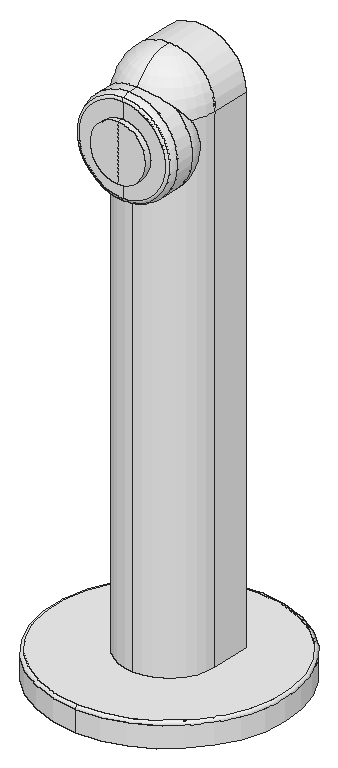
Revit family "Spout-GROHE-Eurosmart_Cosmopolitan-13272000", category Plumbing Fixtures, host Face, Revit 2014
Parameters (values of type "13272000")
  Width = 3 1/8"  # constant formula
  Warranty Documentation Link = "https://cdn.cloud.grohe.com/tpi/1000/1900/1940/1949/1949006/original/1949006.pdf"
  URL = "https://www.grohe.us"
  Type Comments = ""
  Tempered Connection Radius = Tempered Connection Diameter / 2  # 1/4"
  Tempered Connection Diameter = Hot Water Connection Diameter  # 1/2"
  Shipping Weight = 2.304 lbf
  Product Page URL = "https://www.grohe.us/en_us/eurosmart-cosmopolitan-tub-spout-13272000.html"
  Price = "Prices may vary. Please consult Manufacturer Representative for most up-to-date price list."  # constant formula
  Model = "13272000"
  Material = "Metal-Grohe-000-Chrome"
  Manufacturer = "Grohe"
  Length = 6 11/16"  # constant formula
  Installation Type = "Wall Mounted"
  Hot Water Connection Radius = Hot Water Connection Diameter / 2  # 1/4"
  Hot Water Connection Diameter = Cold Water Connection Diameter  # 1/2"
  Height = 3 1/8"  # constant formula
  Flow Rate = "1.5 gpm (5.7 L/min)"  # constant formula
  Finish = Metal-Grohe-000-Chrome
  Description = "Tub spout"
  Default Elevation = 21"  # constant formula
  Creation Date = "07/06/2017"  # constant formula
  Cold Water Connection Radius = 1/4"  # constant formula
  Cold Water Connection Diameter = Cold Water Connection Radius * 2  # 1/2"
  Assembly Code = "D2020300"
Reference planes (in)
  plane 1 "Center (Front/Back)": y = 0
  plane 2: z = 0
  plane 3 "Center (Left/Right)": x = 0
  plane 4: x = 1.375
  plane 5: y = 1.37795
  plane 6: y = -1.37795
  plane 7: x = -1.375
  plane 8: z = 6.6875
Forms (in)
  Revolve 1, solid, material "Metal-Grohe-000-Chrome" <- "Finish"
    sketch origin (0, 18, 0) x (0, 1, 0) y (0, 0, 1)
      loop
        arc (-18, 7.64725) -> (-18.43664, 7.46639) -> (-18.6175, 7.02975) r 0.6175
        line (-18.6175, 7.02975) -> (-18.6175, 0.31496) -> (-19.53707, 0.31496)
        arc (-19.53707, 0.31496) -> (-19.56384, 0.30387) -> (-19.57493, 0.2771) r 0.03786
        line (-19.57493, 0.2771) -> (-19.57493, 0) -> (-18, 0) -> (-18, 7.64725)
      axis (-18, 7.64725) -> (-18, 0)
    angle from 0 to 360
  Revolve 2, solid, material "Metal-Grohe-000-Chrome" <- "Finish"
    sketch origin (0, 18, 0) x (0, 1, 0) y (0, 0, 1)
      loop
        line (-18.86602, 6.69291) -> (-18.86602, 6.3189) -> (-18.78728, 6.3189) -> (-18.78728, 6.1071)
        arc (-18.78728, 6.1071) -> (-18.78199, 6.08709) -> (-18.76751, 6.07229) r 0.04054
        arc (-18.76751, 6.07229) -> (-18.71691, 6.05069) -> (-18.66238, 6.04331) r 0.20515
        line (-18.66238, 6.04331) -> (-18.42738, 6.04331)
        arc (-18.42738, 6.04331) -> (-18.1748, 6.14793) -> (-18.07018, 6.40051) r 0.3572
        line (-18.07018, 6.40051) -> (-18.07018, 6.69291) -> (-18.86602, 6.69291)
      axis (-18.86602, 6.69291) -> (-18.07018, 6.69291)
    angle from 0 to 360
  Extrusion 3, void
    sketch origin (0, 18, 0) x (0, 1, 0) y (0, 0, 1)
      loop
        line (-18, 0.31496) -> (-17.25, 0.31496) -> (-17.25, 8.16597) -> (-18, 8.16597) -> (-18, 0.31496)
    from -1.21875 to 1.21875
  Extrusion 4, solid, material "Metal-Grohe-000-Chrome" <- "Finish"
    sketch origin (0, 18, 0) x (1, 0, 0) y (0, 0, 1)
      loop
        line (0.6175, 0.31496) -> (0.6175, 7.02975)
        arc (0.6175, 7.02975) -> (0, 7.64725) -> (-0.6175, 7.02975) r 0.6175
        line (-0.6175, 7.02975) -> (-0.6175, 0.31496) -> (0.6175, 0.31496)
    from 17.47625 to 18
Cuts and joins
  Extrusion 3 cuts Revolve 1
  joined: Revolve 1, Revolve 2, Extrusion 4
Lines and regions (in)
  Masking region 1
    outline origin (0, 0, 0) x (1, 0, 0) y (0, 0, 1)
      loop
        line (1.57493, 0) -> (1.57493, 0.31496) -> (0.6175, 0.31496) -> (0.6175, 7.02814)
        arc (0.6175, 7.02814) -> (0, 7.64564) -> (-0.6175, 7.02814) r 0.6175
        line (-0.6175, 7.02814) -> (-0.6175, 0.31496) -> (-1.57493, 0.31496) -> (-1.57493, 0) -> (1.57493, 0)
  symbolic lines, style "PlumbingFixtures", detail levels medium+fine
    curve 1: line (0.6175, 0, 0.31496) -> (-0.6175, 0, 0.31496)
Dimensions and locks (in)
  plane 8 to level = 6 11/16"
  aligned and locked: plane 2 to host face
  aligned and locked: level to host face
Connectors (in)
  piping at (0, 0, 0), diameter 0.5, driven by "Tempered Connection Diameter"
    settings: on cut or joined group of Revolve 1, Revolve 2, Extrusion 3, Extrusion 4, index 1, connector inside diameter 24", connector length 0", flow factor 0, pipe flow 0 GPM, pressure drop 0.00 psi, fitting loss kfactor 0, connector angle 0.00°, fixture units 0, engagement length 0", angle of deflection 0.00°, flow configuration 0, flow direction 1, fitting loss method 0, system type 29, joint type 0, gender type 0, connector reference index -1, connector utility 0, adjustable connector no, is connector primary yes, connector description "1/2\" NPT Supply Inlet"
